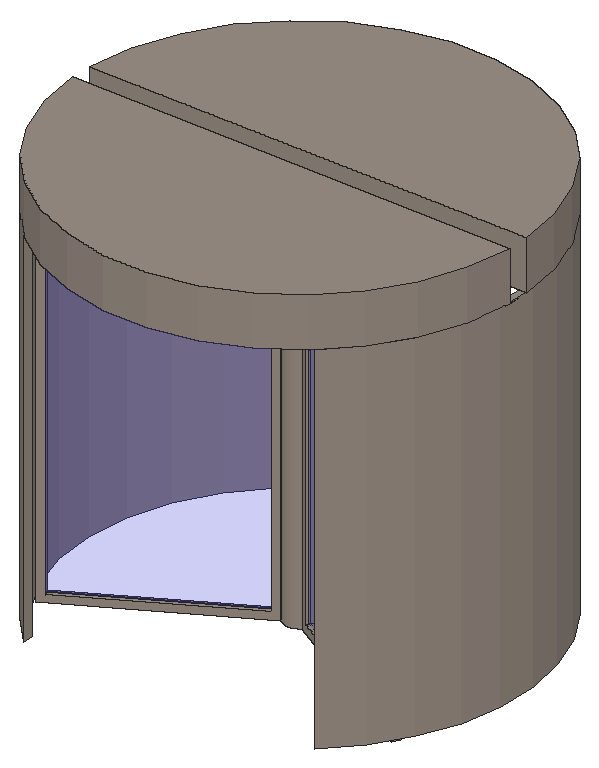
Revit family "DSP_A3-Turning-Door", category Doors, host Wall, Revit 2016
Family settings
  Host = Wall
  Always vertical = Yes
  Cut with Voids When Loaded = No
  Shared = No
  Room Calculation Point = No
Parameters (values of type "Revolving Door")
  Function = Interior
  Frame Projection Ext. = 25 mm
  Frame Projection Int. = 25 mm
  Frame Width = 75 mm
  Height = 2500 mm
  Wall Closure = By host
  Width = 3000 mm  # constant formula
Reference planes
  plane 1: y = 0
  plane 2 "Center (Left/Right)": x = 0
  plane 3 "Left": x = -1500
  plane 4 "Right": x = 1500
  plane 5: z = 2500
  plane 6 "Exterior": y = 75
  plane 7 "Interior": y = -75
  plane 8: z = 2840
  plane 9: x = -1000
  plane 10: x = 1000
  plane 11: through (0, 0, 1200) normal (0.5, -0.866, 0)
  plane 12: through (-1203.098, -665.742, 1200) normal (0.5, -0.866, 0)
  plane 13: through (-71.353, -70.063, 1200) normal (0.5, -0.866, 0)
  plane 14: z = 1950
  plane 15: z = 50
  plane 16: through (0, 0, 1200) normal (0.5, 0.866, 0)
  plane 17: x = 0
  plane 18: through (2152.413, -1213.829, 1200) normal (0.5, 0.866, 0)
  plane 19: through (2127.413, -1257.13, 1200) normal (0.5, 0.866, 0)
  plane 20: x = -25
  plane 21: x = 25
  plane 22: through (-1246.4, -690.742, 1200) normal (0.866, 0.5, 0)
  plane 23: through (0, 0, 1200) normal (0.866, 0.5, 0)
  plane 24: x = -100
  plane 25: x = 100
  plane 26: y = 100
  plane 27: y = -100
  plane 28: through (1246.4, -690.742, 1200) normal (-0.866, 0.5, 0)
  plane 29: through (0, 0, 1200) normal (-0.866, 0.5, 0)
  plane 30: through (1203.098, -665.742, 1200) normal (-0.866, 0.5, 0)
  plane 31: y = 1424.784
  plane 32: y = 1374.784
  plane 33: y = 149.784
Forms (mm)
  Extrusion 1, solid, material "Frame"
    sketch origin (0, 0, 0) x (1, 0, 0) y (0, 1, 0)
      loop
        circle (0, 0) r 1500
    from 2500 to 2840
  Extrusion 2, void
    sketch origin (0, 0, 0) x (1, 0, 0) y (0, 1, 0)
      loop
        line (1500, 75) -> (-1500, 75) -> (-1500, -75) -> (1500, -75) -> (1500, 75)
    from 2500 to 2840
  Extrusion 3, solid, material "Frame"
    sketch origin (0, 0, 0) x (1, 0, 0) y (0, 1, 0)
      loop
        arc (-1000, 1118.034) -> (-1500, 0) -> (-1000, -1118.034) r 1500
        line (-1000, -1118.034) -> (-1000, -1050)
        arc (-1000, -1050) -> (-1450, 0) -> (-1000, 1050) r 1450
        line (-1000, 1050) -> (-1000, 1118.034)
    from 0 to 2500
  Extrusion 4, solid, material "Frame"
    sketch origin (0, 0, 0) x (1, 0, 0) y (0, 1, 0)
      loop
        circle (0, 0) r 100
    from 0 to 2500
  Extrusion 5, solid, material "Frame"
    sketch origin (0, 0, 0) x (0.866025, 0.5, 0) y (-0.5, 0.866025, 0)
      loop
        line (-1424.784, 25) -> (-1424.784, -25) -> (-96.825, -25)
        arc (-96.825, -25) -> (-99.203, -12.6) -> (-100, 0) r 100
        arc (-100, 0) -> (-99.203, 12.6) -> (-96.825, 25) r 100
        line (-96.825, 25) -> (-1424.784, 25)
    from 0 to 2500
  Extrusion 6, void
    sketch origin (0, 0, 0) x (0.866025, 0.5, 0) y (-0.5, 0.866025, 0)
      loop
        line (-1374.784, 25) -> (-1374.784, -25) -> (-150, -25) -> (-150, 25) -> (-1374.784, 25)
    from 50 to 2450
  Extrusion 7, solid, material "Glass"
    sketch origin (0, 0, 0) x (0.866025, 0.5, 0) y (-0.5, 0.866025, 0)
      loop
        line (-1374.784, 5) -> (-1374.784, -5) -> (-150, -5) -> (-150, 5) -> (-1374.784, 5)
    from 50 to 2450
  Extrusion 8, solid, material "Frame"
    sketch origin (0, 0, 0) x (1, 0, 0) y (0, 1, 0)
      loop
        arc (1000, -1118.034) -> (1500, 0) -> (1000, 1118.034) r 1500
        line (1000, 1118.034) -> (1000, 1050)
        arc (1000, 1050) -> (1450, 0) -> (1000, -1050) r 1450
        line (1000, -1050) -> (1000, -1118.034)
    from 50 to 2500
  Extrusion 9, solid, material "Frame"
    sketch origin (0, 0, 0) x (0, -1, 0) y (1, 0, 0)
      loop
        line (-1424.784, 25) -> (-1424.784, -25) -> (-96.825, -25)
        arc (-96.825, -25) -> (-99.203, -12.6) -> (-100, 0) r 100
        arc (-100, 0) -> (-99.203, 12.6) -> (-96.825, 25) r 100
        line (-96.825, 25) -> (-1424.784, 25)
    from 0 to 2500
  Extrusion 10, solid, material "Frame"
    sketch origin (0, 0, 0) x (-0.866025, 0.5, 0) y (-0.5, -0.866025, 0)
      loop
        line (-1424.784, 25) -> (-1424.784, -25) -> (-96.825, -25)
        arc (-96.825, -25) -> (-99.203, -12.6) -> (-100, 0) r 100
        arc (-100, 0) -> (-99.203, 12.6) -> (-96.825, 25) r 100
        line (-96.825, 25) -> (-1424.784, 25)
    from 0 to 2500
  Extrusion 11, void
    sketch origin (-0.66, -1.013, 0) x (-0.866025, 0.5, 0) y (-0.5, -0.866025, 0)
      loop
        line (-1374.85, 23.793) -> (-1374.85, -26.207) -> (-150, -26.207) -> (-150, 23.793) -> (-1374.85, 23.793)
    from 50 to 2450
  Extrusion 12, void
    sketch origin (0, 1524.784, 0) x (0, 1, 0) y (-1, 0, 0)
      loop
        line (-1374.784, 25) -> (-1374.784, -25) -> (-150, -25) -> (-150, 25) -> (-1374.784, 25)
    from 50 to 2450
  Extrusion 13, solid, material "Glass"
    sketch origin (0, 0, 0) x (-0.866025, 0.5, 0) y (-0.5, -0.866025, 0)
      loop
        line (-1374.784, 5) -> (-1374.784, -5) -> (-150, -5) -> (-150, 5) -> (-1374.784, 5)
    from 50 to 2450
  Extrusion 14, solid, material "Glass"
    sketch origin (0, 1524.784, 0) x (0, 1, 0) y (-1, 0, 0)
      loop
        line (-1374.784, 5) -> (-1374.784, -5) -> (-150, -5) -> (-150, 5) -> (-1374.784, 5)
    from 50 to 2450
  Extrusion 15, solid, material "Frame", not visible
    sketch origin (0, 0, 0) x (0.866025, 0.5, 0) y (-0.5, 0.866025, 0)
      loop
        line (-1424.784, 25) -> (-1424.784, -25) -> (-96.825, -25)
        arc (-96.825, -25) -> (-99.203, -12.6) -> (-100, 0) r 100
        arc (-100, 0) -> (-99.203, 12.6) -> (-96.825, 25) r 100
        line (-96.825, 25) -> (-1424.784, 25)
    from 0 to 2500
  Extrusion 16, void, material "Frame", not visible
    sketch origin (0, 0, 0) x (0.866025, 0.5, 0) y (-0.5, 0.866025, 0)
      loop
        line (-1374.784, 25) -> (-1374.784, -25) -> (-150, -25) -> (-150, 25) -> (-1374.784, 25)
    from 50 to 2450
  Extrusion 17, solid, material "Frame", not visible
    sketch origin (0, 0, 0) x (0.866025, 0.5, 0) y (-0.5, 0.866025, 0)
      loop
        line (-1424.784, 25) -> (-1424.784, -25) -> (-96.825, -25)
        arc (-96.825, -25) -> (-99.203, -12.6) -> (-100, 0) r 100
        arc (-100, 0) -> (-99.203, 12.6) -> (-96.825, 25) r 100
        line (-96.825, 25) -> (-1424.784, 25)
    from 0 to 2500
  Extrusion 18, void, material "Frame", not visible
    sketch origin (0, 0, 0) x (0.866025, 0.5, 0) y (-0.5, 0.866025, 0)
      loop
        line (-1374.784, 25) -> (-1374.784, -25) -> (-150, -25) -> (-150, 25) -> (-1374.784, 25)
    from 50 to 2450
  Extrusion 19, solid, material "Glass", not visible
    sketch origin (0, 0, 0) x (0.866025, 0.5, 0) y (-0.5, 0.866025, 0)
      loop
        line (-1374.784, 5) -> (-1374.784, -5) -> (-150, -5) -> (-150, 5) -> (-1374.784, 5)
    from 50 to 2450
  Extrusion 20, solid, material "Frame", not visible
    sketch origin (0, 0, 0) x (0.866025, 0.5, 0) y (-0.5, 0.866025, 0)
      loop
        line (-1424.784, 25) -> (-1424.784, -25) -> (-96.825, -25)
        arc (-96.825, -25) -> (-99.203, -12.6) -> (-100, 0) r 100
        arc (-100, 0) -> (-99.203, 12.6) -> (-96.825, 25) r 100
        line (-96.825, 25) -> (-1424.784, 25)
    from 0 to 2500
  Extrusion 21, void, material "Frame", not visible
    sketch origin (0, 0, 0) x (0.866025, 0.5, 0) y (-0.5, 0.866025, 0)
      loop
        line (-1374.784, 25) -> (-1374.784, -25) -> (-150, -25) -> (-150, 25) -> (-1374.784, 25)
    from 50 to 2450
  Extrusion 22, solid, material "Glass", not visible
    sketch origin (0, 0, 0) x (0.866025, 0.5, 0) y (-0.5, 0.866025, 0)
      loop
        line (-1374.784, 5) -> (-1374.784, -5) -> (-150, -5) -> (-150, 5) -> (-1374.784, 5)
    from 50 to 2450
  Extrusion 23, solid, material "Frame", not visible
    sketch origin (0, 0, 0) x (0.866025, 0.5, 0) y (-0.5, 0.866025, 0)
      loop
        line (-1424.784, 25) -> (-1424.784, -25) -> (-96.825, -25)
        arc (-96.825, -25) -> (-99.203, -12.6) -> (-100, 0) r 100
        arc (-100, 0) -> (-99.203, 12.6) -> (-96.825, 25) r 100
        line (-96.825, 25) -> (-1424.784, 25)
    from 0 to 2500
  Extrusion 24, void, material "Frame", not visible
    sketch origin (0, 0, 0) x (0.866025, 0.5, 0) y (-0.5, 0.866025, 0)
      loop
        line (-1374.784, 25) -> (-1374.784, -25) -> (-150, -25) -> (-150, 25) -> (-1374.784, 25)
    from 50 to 2450
  Extrusion 25, solid, material "Glass", not visible
    sketch origin (0, 0, 0) x (0.866025, 0.5, 0) y (-0.5, 0.866025, 0)
      loop
        line (-1374.784, 5) -> (-1374.784, -5) -> (-150, -5) -> (-150, 5) -> (-1374.784, 5)
    from 50 to 2450
  Extrusion 26, solid, material "Frame", not visible
    sketch origin (0, 0, 0) x (0.866025, 0.5, 0) y (-0.5, 0.866025, 0)
      loop
        line (-1424.784, 25) -> (-1424.784, -25) -> (-96.825, -25)
        arc (-96.825, -25) -> (-99.203, -12.6) -> (-100, 0) r 100
        arc (-100, 0) -> (-99.203, 12.6) -> (-96.825, 25) r 100
        line (-96.825, 25) -> (-1424.784, 25)
    from 0 to 2500
  Extrusion 27, void, material "Frame", not visible
    sketch origin (0, 0, 0) x (0.866025, 0.5, 0) y (-0.5, 0.866025, 0)
      loop
        line (-1374.784, 25) -> (-1374.784, -25) -> (-150, -25) -> (-150, 25) -> (-1374.784, 25)
    from 50 to 2450
  Extrusion 28, solid, material "Glass", not visible
    sketch origin (0, 0, 0) x (0.866025, 0.5, 0) y (-0.5, 0.866025, 0)
      loop
        line (-1374.784, 5) -> (-1374.784, -5) -> (-150, -5) -> (-150, 5) -> (-1374.784, 5)
    from 50 to 2450
Cuts and joins
  Extrusion 2, Extrusion 6, Extrusion 11, Extrusion 12 cuts Extrusion 1
  Extrusion 6, Extrusion 11, Extrusion 12 cuts Extrusion 3
  Extrusion 11, Extrusion 12 cuts Extrusion 8
  joined: Extrusion 1, Extrusion 3, Extrusion 8
  Extrusion 6, Extrusion 11, Extrusion 12 cuts Extrusion 4
  Extrusion 6, Extrusion 11, Extrusion 12 cuts Extrusion 5
  Extrusion 11, Extrusion 12 cuts Extrusion 7
  Extrusion 11, Extrusion 12 cuts Extrusion 9
  Extrusion 11, Extrusion 12 cuts Extrusion 10
Lines and regions (mm)
  Opening 1
    outline origin (-3050, -75, 0) x (1, 0, 0) y (0, 0, 1)
      loop
        line (1550, 0) -> (4550, 0) -> (4550, 2500) -> (1550, 2500) -> (1550, 0)
Text (mm)
  text "Exterior" at (-2295.016, 1099.543, 0), in view "Ref. Level"
  text "Exterior" at (0, 1615.38, 3698.081), in view "Left"
  text "Exterior" at (0, 1036.032, 3874.932), in view "Right"
Dimensions and locks
  equal spacing: plane 3 "Left", plane 2 "Center (Left/Right)", plane 4 "Right"
  "Width": plane 3 "Left" to plane 4 "Right"
  "Height": plane 5 to host wall
  host wall to plane 5 = 2500 mm  (x2)
  locked: plane 6 "Exterior" to host wall at 0
  locked: plane 7 "Interior" to host wall
  equal spacing: cut or joined group of Extrusion 5, Extrusion 6, Extrusion 11, Extrusion 12, plane 11, cut or joined group of Extrusion 5, Extrusion 6, Extrusion 11, Extrusion 12, locked at 25 each
  locked: plane 8 to plane 5 at 340
  locked: cut or joined group of Extrusion 1, Extrusion 2, Extrusion 3, Extrusion 6, Extrusion 8, Extrusion 11, Extrusion 12 to cut or joined group of Extrusion 4, Extrusion 6, Extrusion 11, Extrusion 12 at 0
  locked: plane 15 to level at 50
  locked: cut or joined group of Extrusion 1, Extrusion 2, Extrusion 3, Extrusion 6, Extrusion 8, Extrusion 11, Extrusion 12 to cut or joined group of Extrusion 1, Extrusion 2, Extrusion 3, Extrusion 6, Extrusion 8, Extrusion 11, Extrusion 12 at 0
  locked: cut or joined group of Extrusion 1, Extrusion 2, Extrusion 3, Extrusion 6, Extrusion 8, Extrusion 11, Extrusion 12 to cut or joined group of Extrusion 1, Extrusion 2, Extrusion 3, Extrusion 6, Extrusion 8, Extrusion 11, Extrusion 12 at 340
  locked: cut or joined group of Extrusion 1, Extrusion 2, Extrusion 3, Extrusion 6, Extrusion 8, Extrusion 11, Extrusion 12 to Extrusion 2 at 340
  locked: cut or joined group of Extrusion 5, Extrusion 6, Extrusion 11, Extrusion 12 to cut or joined group of Extrusion 1, Extrusion 2, Extrusion 3, Extrusion 6, Extrusion 8, Extrusion 11, Extrusion 12 at 0
  locked: cut or joined group of Extrusion 1, Extrusion 2, Extrusion 3, Extrusion 6, Extrusion 8, Extrusion 11, Extrusion 12 to cut or joined group of Extrusion 5, Extrusion 6, Extrusion 11, Extrusion 12 at 50
  locked: Extrusion 7 to cut or joined group of Extrusion 5, Extrusion 6, Extrusion 11, Extrusion 12 at 0
  locked: plane 23 to plane 22 at 1424.784
  locked: plane 9 to plane 10 at 2000
  equal spacing: plane 24, plane 17, plane 25, locked at 100 each
  equal spacing: plane 27, host wall, plane 26, locked at 100 each
  locked: plane 27 to plane 26 at 200
  locked: plane 24 to plane 25 at 200
  locked: plane 29 to plane 28 at 1424.784
  equal spacing: plane 18, plane 16, plane 19, locked at 25 each
  locked: cut or joined group of Extrusion 5, Extrusion 6, Extrusion 11, Extrusion 12 to cut or joined group of Extrusion 7, Extrusion 11, Extrusion 12 at 50
  locked: cut or joined group of Extrusion 7, Extrusion 11, Extrusion 12 to cut or joined group of Extrusion 7, Extrusion 11, Extrusion 12 at 1224.784
  locked: cut or joined group of Extrusion 10, Extrusion 11, Extrusion 12 to cut or joined group of Extrusion 10, Extrusion 11, Extrusion 12 at 50
  locked: cut or joined group of Extrusion 10, Extrusion 11, Extrusion 12 to cut or joined group of Extrusion 10, Extrusion 11, Extrusion 12 at 1224.85
  locked: plane 32 to plane 31 at 50
  locked: plane 33 to plane 32 at 1225
  locked: cut or joined group of Extrusion 10, Extrusion 11, Extrusion 12 to plane 5 at 0
  locked: cut or joined group of Extrusion 1, Extrusion 2, Extrusion 3, Extrusion 6, Extrusion 8, Extrusion 11, Extrusion 12 to cut or joined group of Extrusion 10, Extrusion 11, Extrusion 12 at 50
  locked: Extrusion 13 to cut or joined group of Extrusion 10, Extrusion 11, Extrusion 12 at 0
  locked: cut or joined group of Extrusion 9, Extrusion 11, Extrusion 12 to cut or joined group of Extrusion 1, Extrusion 2, Extrusion 3, Extrusion 6, Extrusion 8, Extrusion 11, Extrusion 12 at 0
  locked: Extrusion 14 to cut or joined group of Extrusion 9, Extrusion 11, Extrusion 12 at 0
  locked: cut or joined group of Extrusion 9, Extrusion 11, Extrusion 12 to cut or joined group of Extrusion 1, Extrusion 2, Extrusion 3, Extrusion 6, Extrusion 8, Extrusion 11, Extrusion 12 at 50
  locked: host wall to plane 11 (angle 30.00°)
  locked: plane 16 to host wall (angle 30.00°)
  locked: plane 17 to host wall (angle 90.00°)
  locked: plane 17 to plane 11 (angle 120.00°)
  locked: plane 16 to plane 17 (angle 120.00°)
  locked: plane 11 to plane 16 (angle 120.00°)
  aligned and locked: plane 3 "Left" to Opening 1 sketch curve
  aligned and locked: plane 5 to Opening 1 sketch curve  (x2)
  aligned and locked: Opening 1 sketch curve to plane 4 "Right"
  aligned and locked: Opening 1 sketch curve to level
  aligned and locked: plane 1 to host wall
  aligned and locked: Extrusion 1 to plane 8
  aligned and locked: Extrusion 1 to host wall
  aligned and locked: Extrusion 1 to Extrusion 2
  aligned and locked: Extrusion 3 sketch curve to plane 9
  aligned and locked: plane 12 to cut or joined group of Extrusion 5, Extrusion 6, Extrusion 11, Extrusion 12
  aligned and locked: plane 13 to cut or joined group of Extrusion 5, Extrusion 6, Extrusion 11, Extrusion 12
  aligned and locked: Extrusion 8 sketch curve to plane 10
  aligned and locked: Extrusion 8 to host wall
  aligned and locked: Extrusion 11 to plane 19
  aligned and locked: plane 31 to cut or joined group of Extrusion 9, Extrusion 11, Extrusion 12
Automatic sketch dimensions
  Extrusion 1 sketch curve to host wall = 0 mm
  Extrusion 1 sketch curve to plane 2 "Center (Left/Right)" = 0 mm
  plane 3 "Left" to Extrusion 2 sketch curve = 0 mm
  Extrusion 2 sketch curve to plane 4 "Right" = 0 mm
  Extrusion 2 sketch curve to host wall = 0 mm  (x2)
  Extrusion 3 sketch curve to Extrusion 3 sketch curve = 0 mm  (x2)
  Extrusion 3 sketch curve to plane 9 = 0 mm
  Extrusion 3 sketch curve to host wall = 0 mm
  Extrusion 3 sketch curve to plane 2 "Center (Left/Right)" = 0 mm
  host wall to Extrusion 3 sketch curve = 1050 mm
  Extrusion 3 sketch curve to Extrusion 3 sketch curve = 68.034 mm
  Extrusion 4 sketch curve to host wall = 0 mm
  Extrusion 4 sketch curve to plane 2 "Center (Left/Right)" = 0 mm
  Extrusion 5 sketch curve to Extrusion 5 sketch curve = 1324.784 mm
  Extrusion 5 sketch curve to Extrusion 5 sketch curve = 3.175 mm  (x2)
  Extrusion 5 sketch curve to Extrusion 5 sketch curve = 96.825 mm
  Extrusion 6 sketch curve to Extrusion 6 sketch curve = 1224.784 mm
  Extrusion 6 sketch curve to Extrusion 6 sketch curve = 50 mm
  Extrusion 7 sketch curve to Extrusion 7 sketch curve = 1224.784 mm
  Extrusion 7 sketch curve to Extrusion 7 sketch curve = 10 mm
  Extrusion 8 sketch curve to Extrusion 8 sketch curve = 0 mm  (x2)
  Extrusion 8 sketch curve to host wall = 0 mm
  Extrusion 8 sketch curve to plane 2 "Center (Left/Right)" = 0 mm
  plane 10 to Extrusion 8 sketch curve = 0 mm
  plane 23 to Extrusion 8 sketch curve = 341.025 mm
  Extrusion 8 sketch curve to Extrusion 8 sketch curve = 68.034 mm
  Extrusion 5 sketch curve to Extrusion 5 sketch curve = 0 mm  (x3)
  Extrusion 5 sketch curve to plane 12 = 0 mm
  Extrusion 5 sketch curve to plane 22 = 0 mm
  Extrusion 6 sketch curve to plane 13 = 0 mm
  plane 22 to Extrusion 6 sketch curve = 50 mm
  plane 11 to Extrusion 7 sketch curve = 5 mm
  plane 22 to Extrusion 7 sketch curve = 50 mm
  Extrusion 9 sketch curve to Extrusion 9 sketch curve = 0 mm
  Extrusion 9 sketch curve to plane 22 = 2158.827 mm
  Extrusion 9 sketch curve to plane 23 = 50 mm
  Extrusion 9 sketch curve to Extrusion 9 sketch curve = 3.175 mm  (x2)
  plane 20 to Extrusion 9 sketch curve = 25 mm
  Extrusion 9 sketch curve to Extrusion 9 sketch curve = 96.825 mm
  Extrusion 10 sketch curve to Extrusion 10 sketch curve = 0 mm
  Extrusion 10 sketch curve to plane 22 = 2115.526 mm
  plane 23 to Extrusion 10 sketch curve = 0 mm
  Extrusion 10 sketch curve to plane 25 = 13.397 mm
  Extrusion 10 sketch curve to plane 23 = 50 mm
  Extrusion 10 sketch curve to plane 25 = 28.647 mm
  Extrusion 10 sketch curve to Extrusion 10 sketch curve = 3.175 mm
  plane 22 to Extrusion 11 sketch curve = 2133.827 mm
  Extrusion 11 sketch curve to plane 20 = 142.347 mm
  Extrusion 11 sketch curve to plane 29 = 149.935 mm
  plane 2 "Center (Left/Right)" to Extrusion 11 sketch curve = 142.347 mm
  Extrusion 12 sketch curve to plane 32 = 0 mm
  plane 2 "Center (Left/Right)" to Extrusion 12 sketch curve = 25 mm
  plane 9 to Extrusion 12 sketch curve = 975 mm
  plane 18 to Extrusion 12 sketch curve = 92.404 mm
  Extrusion 13 sketch curve to plane 9 = 2193.098 mm
  Extrusion 13 sketch curve to plane 22 = 2116.507 mm
  plane 21 to Extrusion 13 sketch curve = 107.404 mm
  Extrusion 13 sketch curve to Extrusion 13 sketch curve = 10 mm
  plane 23 to Extrusion 14 sketch curve = 691.722 mm
  Extrusion 14 sketch curve to plane 27 = 250 mm
  Extrusion 14 sketch curve to plane 3 "Left" = 1495 mm
  Extrusion 14 sketch curve to Extrusion 14 sketch curve = 10 mm
  Extrusion 15 sketch curve to Extrusion 15 sketch curve = 1324.784 mm
  Extrusion 15 sketch curve to Extrusion 15 sketch curve = 3.175 mm  (x2)
  Extrusion 15 sketch curve to Extrusion 15 sketch curve = 96.825 mm
  Extrusion 16 sketch curve to Extrusion 16 sketch curve = 1224.784 mm
  Extrusion 16 sketch curve to Extrusion 16 sketch curve = 50 mm
  Extrusion 15 sketch curve to Extrusion 15 sketch curve = 0 mm  (x3)
  Extrusion 17 sketch curve to Extrusion 17 sketch curve = 1324.784 mm
  Extrusion 17 sketch curve to Extrusion 17 sketch curve = 3.175 mm  (x2)
  Extrusion 17 sketch curve to Extrusion 17 sketch curve = 96.825 mm
  Extrusion 18 sketch curve to Extrusion 18 sketch curve = 1224.784 mm
  Extrusion 18 sketch curve to Extrusion 18 sketch curve = 50 mm
  Extrusion 19 sketch curve to Extrusion 19 sketch curve = 1224.784 mm
  Extrusion 19 sketch curve to Extrusion 19 sketch curve = 10 mm
  Extrusion 17 sketch curve to Extrusion 17 sketch curve = 0 mm  (x3)
  Extrusion 20 sketch curve to Extrusion 20 sketch curve = 1324.784 mm
  Extrusion 20 sketch curve to Extrusion 20 sketch curve = 3.175 mm  (x2)
  Extrusion 20 sketch curve to Extrusion 20 sketch curve = 96.825 mm
  Extrusion 21 sketch curve to Extrusion 21 sketch curve = 1224.784 mm
  Extrusion 21 sketch curve to Extrusion 21 sketch curve = 50 mm
  Extrusion 22 sketch curve to Extrusion 22 sketch curve = 1224.784 mm
  Extrusion 22 sketch curve to Extrusion 22 sketch curve = 10 mm
  Extrusion 20 sketch curve to Extrusion 20 sketch curve = 0 mm  (x3)
  Extrusion 23 sketch curve to Extrusion 23 sketch curve = 1324.784 mm
  Extrusion 23 sketch curve to Extrusion 23 sketch curve = 3.175 mm  (x2)
  Extrusion 23 sketch curve to Extrusion 23 sketch curve = 96.825 mm
  Extrusion 24 sketch curve to Extrusion 24 sketch curve = 1224.784 mm
  Extrusion 24 sketch curve to Extrusion 24 sketch curve = 50 mm
  Extrusion 25 sketch curve to Extrusion 25 sketch curve = 1224.784 mm
  Extrusion 25 sketch curve to Extrusion 25 sketch curve = 10 mm
  Extrusion 23 sketch curve to Extrusion 23 sketch curve = 0 mm  (x3)
  Extrusion 26 sketch curve to Extrusion 26 sketch curve = 1324.784 mm
  Extrusion 26 sketch curve to Extrusion 26 sketch curve = 3.175 mm  (x2)
  Extrusion 26 sketch curve to Extrusion 26 sketch curve = 96.825 mm
  Extrusion 27 sketch curve to Extrusion 27 sketch curve = 1224.784 mm
  Extrusion 27 sketch curve to Extrusion 27 sketch curve = 50 mm
  Extrusion 28 sketch curve to Extrusion 28 sketch curve = 1224.784 mm
  Extrusion 28 sketch curve to Extrusion 28 sketch curve = 10 mm
  Extrusion 26 sketch curve to Extrusion 26 sketch curve = 0 mm  (x3)
  radius of Extrusion 1 sketch curve = 1500 mm
  radius of Extrusion 4 sketch curve = 100 mm
